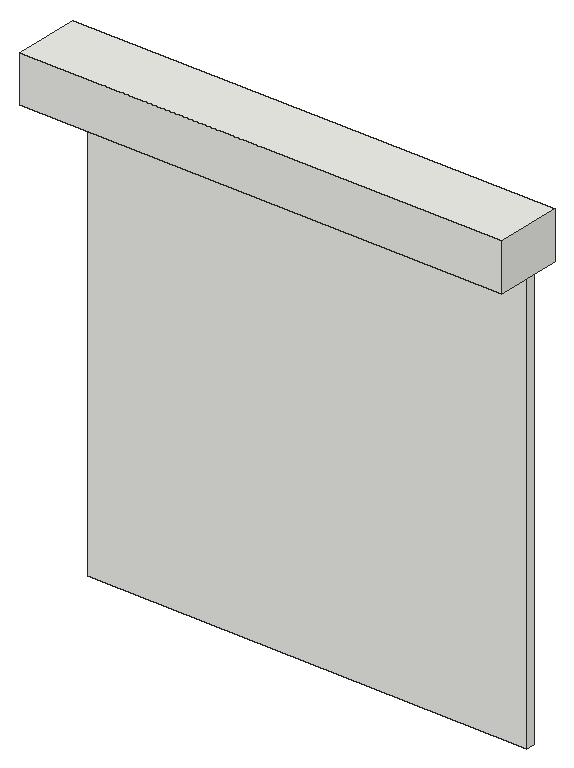
Revit family "bd40a49a386542e1b5ffb0c5916cb3dd", category Doors, host Wall, Revit 2021
Family settings
  Host = Wall
  OmniClass Number = 23.30.10.17.27
  OmniClass Title = Coiling Doors
  Always vertical = Yes
  Cut with Voids When Loaded = No
  Shared = No
  Room Calculation Point = No
Parameters (values of type "168'' x 168''")
  Visual Light Transmittance = 0
  Thickness = 0' - 3"
  Solar Heat Gain Coefficient = 0
  Rough Width [instance] = Width  # 14' - 0"
  Rough Height [instance] = Height  # 14' - 0"
  Roller Material = Steel, Paint Finish, Ivory, Matte
  Roller Box Material = Steel, Paint Finish, Ivory, Matte
  Define Thermal Properties by = Schematic Type
  Construction Type Id = "MDOOR"
  Heat Transfer Coefficient (U) = 0.651978 BTU/(h·ft²·°F)
  Function = Exterior
  Assembly Code = "B2030400"
  Height [instance] = 14' - 0"
  Wall Closure = By host
  Width [instance] = 14' - 0"
  Analytic Construction = "Metal"
Reference planes (in)
  plane 1 "Center(Front/Back)": y = 0
  plane 2: z = 0
  plane 3 "Center (Left/Right)": x = 0
  plane 4 "Left": x = -84
  plane 5 "Right": x = 84
  plane 6 "Top": z = 168
  plane 7: z = 186
  plane 8: x = -92
  plane 9: x = 92
Forms (in)
  Extrusion 1, solid, material "Steel, Paint Finish, Ivory, Matte" <- "Roller Material"
    sketch origin (0, 0, 0) x (1, 0, 0) y (0, 1, 0)
      loop
        line (-84, -3) -> (-84, -6) -> (84, -6) -> (84, -3) -> (-84, -3)
    from 0 to 168
  Extrusion 2, solid, material "Steel, Paint Finish, Ivory, Matte" <- "Roller Box Material"
    sketch origin (-84, -6, 168) x (0, 0, -1) y (1, 0, 0)
      loop
        line (-18, -8) -> (0, -8) -> (0, 176) -> (-18, 176) -> (-18, -8)
    from -3 to 22
Lines and regions (in)
  Opening 1
    outline origin (-130, -3, 0) x (1, 0, 0) y (0, 0, 1)
      loop
        line (46, 0) -> (214, 0) -> (214, 168) -> (46, 168) -> (46, 0)
  Masking region 1
    outline origin (0, 0, 0) x (1, 0, 0) y (0, 1, 0)
      loop
        line (-84, -3) -> (-84, -6) -> (84, -6) -> (84, -3) -> (-84, -3)
  model lines, style "Roller"
    curve 1: line (84, -3, 0) -> (-84, -3, 0)
    curve 2: line (84, -3, 156) -> (-84, -3, 156)
    curve 3: line (-84, -3, 144) -> (84, -3, 144)
    curve 4: line (-84, -3, 132) -> (84, -3, 132)
    curve 5: line (-84, -3, 120) -> (84, -3, 120)
    curve 6: line (-84, -3, 108) -> (84, -3, 108)
    curve 7: line (-84, -3, 96) -> (84, -3, 96)
    curve 8: line (-84, -3, 84) -> (84, -3, 84)
    curve 9: line (-84, -3, 72) -> (84, -3, 72)
    curve 10: line (-84, -3, 60) -> (84, -3, 60)
    curve 11: line (-84, -3, 48) -> (84, -3, 48)
    curve 12: line (-84, -3, 36) -> (84, -3, 36)
    curve 13: line (-84, -3, 24) -> (84, -3, 24)
    curve 14: line (-84, -3, 12) -> (84, -3, 12)
  symbolic lines, style "DoorsHiddenLines"
    curve 15: line (-92, -3, 0) -> (-92, -28, 0)
    curve 16: line (-92, -28, 0) -> (92, -28, 0)
    curve 17: line (92, -3, 0) -> (92, -28, 0)
Text (in)
  text "Exterior" at (-71.68996, 40.95374, 0), in view "Ref. Level"
  text "Exterior" at (0, 34.98637, 123.39349), in view "Right"
Dimensions and locks (in)
  equal spacing: plane 4 "Left", plane 3 "Center (Left/Right)", plane 5 "Right"
  "Width": plane 4 "Left" to plane 5 "Right"
  "Height": plane 2 to plane 6 "Top"
  "Thickness": Extrusion 1 sketch curve to Extrusion 1 sketch curve
  locked: plane 8 to plane 4 "Left" at 8
  locked: plane 5 "Right" to plane 9 at 8
  locked: plane 7 to plane 6 "Top" at 18
  equal spacing: host wall, curve 14, curve 13, curve 12, curve 11, curve 10, curve 9, curve 8, curve 7, curve 6, curve 5, curve 4, curve 3, curve 2, plane 6 "Top"
  host wall to host wall = 20' - 2"
  aligned and locked: plane 4 "Left" to Opening 1 sketch curve
  aligned and locked: plane 6 "Top" to Opening 1 sketch curve
  aligned and locked: Opening 1 sketch curve to plane 6 "Top"
  aligned and locked: Opening 1 sketch curve to plane 5 "Right"
  aligned and locked: Opening 1 sketch curve to level
  aligned and locked: host wall to Extrusion 1 sketch curve
  aligned and locked: plane 5 "Right" to curve 1
  aligned and locked: plane 4 "Left" to curve 1
  aligned and locked: Extrusion 1 to level
  aligned and locked: Extrusion 1 to host wall
  aligned and locked: Extrusion 2 sketch curve to plane 8
  aligned and locked: Extrusion 2 sketch curve to plane 7
  aligned and locked: plane 6 "Top" to Extrusion 2 sketch curve
  aligned and locked: Extrusion 2 sketch curve to plane 9
  aligned and locked: Extrusion 1 to curve 2
  aligned and locked: curve 2 to Extrusion 1
  aligned and locked: plane 4 "Left" to curve 3
  aligned and locked: plane 5 "Right" to curve 3
  aligned and locked: plane 4 "Left" to curve 4
  aligned and locked: Extrusion 1 to curve 4
  aligned and locked: curve 5 to Extrusion 1
  aligned and locked: Extrusion 1 to curve 5
  aligned and locked: curve 6 to Extrusion 1
  aligned and locked: Extrusion 1 to curve 6
  aligned and locked: plane 4 "Left" to curve 7
  aligned and locked: Extrusion 1 to curve 7
  aligned and locked: plane 4 "Left" to curve 8
  aligned and locked: Extrusion 1 to curve 8
  aligned and locked: plane 4 "Left" to curve 9
  aligned and locked: plane 5 "Right" to curve 9
  aligned and locked: plane 4 "Left" to curve 10
  aligned and locked: Extrusion 1 to curve 10
  aligned and locked: curve 11 to Extrusion 1
  aligned and locked: Extrusion 1 to curve 11
  aligned and locked: curve 12 to Extrusion 1
  aligned and locked: Extrusion 1 to curve 12
  aligned and locked: plane 4 "Left" to curve 13
  aligned and locked: plane 5 "Right" to curve 13
  aligned and locked: plane 4 "Left" to curve 14
  aligned and locked: plane 5 "Right" to curve 14
  aligned and locked: curve 17 to Extrusion 2  (x2)
  aligned and locked: level to plane 2
  aligned and locked: Masking region 1 sketch curve to plane 4 "Left"
  aligned and locked: plane 5 "Right" to Masking region 1 sketch curve
  aligned and locked: Masking region 1 sketch curve to Extrusion 1
  aligned and locked: plane 8 to curve 15
  aligned and locked: Masking region 1 to Extrusion 1
  aligned and locked: Extrusion 2 to host wall
Automatic sketch dimensions
  Extrusion 1 sketch curve to plane 4 "Left" = 0' - 0"
  Extrusion 1 sketch curve to plane 5 "Right" = 0' - 0"
  curve 1 to level = 0' - 0"
  host wall to curve 17 = 0' - 0"
  host wall to curve 15 = 0' - 0"
  host wall to Masking region 1 sketch curve = 0' - 3"
